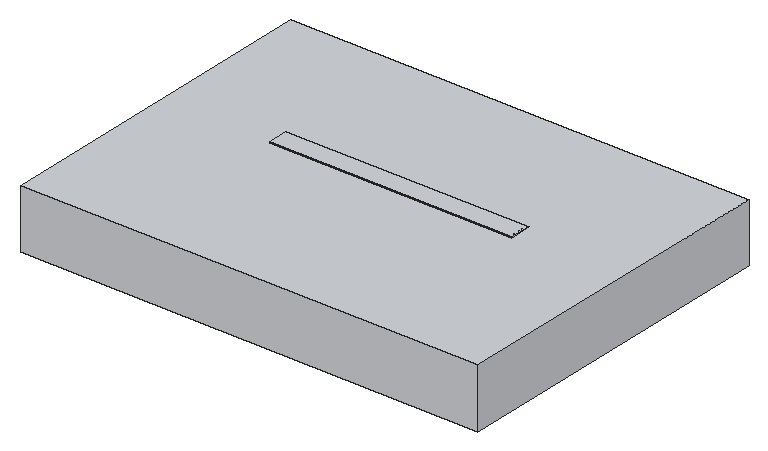
Revit family "rmebasicsamplefamily", category Air Terminals, host Face, Revit 2024
Family settings
  Host = Face
  Round Connector Dimension = Use Diameter
  Part Type = Normal
  OmniClass Number = 23.75.70.21.27.11
  OmniClass Title = Diffusers, Registers, and Grilles
  Cut with Voids When Loaded = No
  Maintain Annotation Orientation = No
  Shared = No
  Room Calculation Point = No
Parameters (values of type "Standard")
  Width 5 = Diffuser Half Width + 32 mm  # 73.5 mm
  Width 4 = Diffuser Half Width / 4  # 10.375 mm
  Width 3 = Diffuser Half Width / 3  # 13.833 mm
  Width 2 = Diffuser Half Width / 2  # 20.75 mm
  Width 1 = Diffuser Width / 2 + 12.5 mm  # 54 mm
  Slot Width = 25 mm
  Slot Number = 2
  Radius = (Duct Height / 2) - 1.5 mm  # 73.5 mm
  Pressure Drop [instance] = 18.0 Pa
  Duct Height = 150 mm
  Duct Width = 200 mm
  Length 1 = Diffuser Length / 2 + 12.5 mm  # 622 mm
  Flow [instance] = 57.0 L/s
  Diffuser material = none
  Diffuser Half Length = Diffuser Length * 1 / 2  # 609.5 mm
  Diffuser Width = 83 mm
  Diffuser Length = 1219 mm
  Diffuser Half Width = Diffuser Width * 1 / 2  # 41.5 mm
  Default Elevation = 1200 mm
  Assembly Code = ""
  Slot Visibility 4 = Slot Number = 4  # no
  Slot Visibility 3 = Slot Number = 3  # no
  Slot Visibility 2 = Slot Number = 2  # yes
  Slot Visibility 1 = Slot Number = 1  # no
Reference planes
  plane 1 "Centre (Front/Back)": y = 0
  plane 2: z = 0
  plane 3 "Centre (Left/Right)": x = 0
  plane 4: y = -41.5
  plane 5: y = -54
  plane 6: y = 54
  plane 7: y = 41.5
  plane 8: x = -609.5
  plane 9: x = 622
  plane 10: x = 609.5
  plane 11: x = -622
  plane 12 "top surface": z = 3.175
  plane 13: z = -279.4
  plane 14: z = -234.95
  plane 15: z = -159.95
  plane 16: y = -73.5
  plane 17: y = 20.75
  plane 18: y = -20.75
  plane 19: y = 27.667
  plane 20: y = -27.667
  plane 21: y = 10.375
  plane 22: y = 31.125
  plane 23: y = -10.375
  plane 24: y = -31.125
  plane 25: z = -158.45
  plane 26: z = -161.45
  plane 27: z = -84.95
  plane 28: x = -100
  plane 29: x = 100
  plane 30: x = -26.5
  plane 31: x = 26.5
Forms (mm)
  Extrusion 1, solid
    sketch origin (0, 0, 0) x (1, 0, 0) y (0, 1, 0)
      loop
        line (-1180.8, 784.25) -> (-1180.8, -956.15) -> (1168.1, -956.15) -> (1168.1, 784.25) -> (-1180.8, 784.25)
    from 0 to -304.8
  Extrusion 2, solid, material <- "Diffuser material"
    sketch origin (0, 0, 0) x (1, 0, 0) y (0, 1, 0)
      loop
        line (-609.5, 41.5) -> (-609.5, -41.5) -> (609.5, -41.5) -> (609.5, 41.5) -> (-609.5, 41.5)
    from -279.4 to 0
  Extrusion 3, solid, material <- "Diffuser material"
    sketch origin (-200.09, -6.234, 0) x (1, 0, 0) y (0, 1, 0)
      loop
        line (-421.91, 60.234) -> (-421.91, -47.766) -> (822.09, -47.766) -> (822.09, 60.234) -> (-421.91, 60.234)
    from 0 to 3.175
  Extrusion 4, solid
    sketch origin (609.5, -41.5, 0) x (-1, 0, 0) y (0, 0, -1)
      loop
        arc (636, 84.95) -> (687.972, 106.478) -> (709.5, 158.45) r 73.5
        line (709.5, 158.45) -> (709.5, 161.45)
        arc (709.5, 161.45) -> (687.972, 213.422) -> (636, 234.95) r 73.5
        line (636, 234.95) -> (583, 234.95)
        arc (583, 234.95) -> (531.028, 213.422) -> (509.5, 161.45) r 73.5
        line (509.5, 161.45) -> (509.5, 158.45)
        arc (509.5, 158.45) -> (531.028, 106.478) -> (583, 84.95) r 73.5
        line (583, 84.95) -> (636, 84.95)
    from 0 to 32
Lines and regions (mm)
  model lines
    curve 1: line (-609.5, 41.5, 3.175) -> (609.5, 41.5, 3.175)
    curve 2: line (-609.5, -41.5, 3.175) -> (-609.5, 41.5, 3.175)
    curve 3: line (609.5, -41.5, 3.175) -> (-609.5, -41.5, 3.175)
    curve 4: line (609.5, 41.5, 3.175) -> (609.5, -41.5, 3.175)
  model lines, visible <- "Slot Visibility 2"
    curve 5: line (-609.5, 20.75, 3.175) -> (609.5, 20.75, 3.175)
    curve 6: line (-609.5, -20.75, 3.175) -> (609.5, -20.75, 3.175)
  model lines, visible <- "Slot Visibility 4"
    curve 7: line (-609.5, 31.125, 3.175) -> (609.5, 31.125, 3.175)
    curve 8: line (-609.5, -31.125, 3.175) -> (609.5, -31.125, 3.175)
    curve 9: line (-609.5, 10.375, 3.175) -> (609.5, 10.375, 3.175)
    curve 10: line (-609.5, -10.375, 3.175) -> (609.5, -10.375, 3.175)
  model lines, visible <- "Slot Visibility 3"
    curve 11: line (-609.5, 0, 3.175) -> (609.5, 0, 3.175)
    curve 12: line (-609.5, 27.667, 3.175) -> (609.5, 27.667, 3.175)
    curve 13: line (-609.5, -27.667, 3.175) -> (609.5, -27.667, 3.175)
  model lines, visible <- "Slot Visibility 1"
    curve 14: line (-609.5, 0, 3.175) -> (609.5, 0, 3.175)
  symbolic lines, visible <- "Slot Visibility 1", detail levels fine
    curve 15: line (-609.5, 0, 0) -> (609.5, 0, 0)
  symbolic lines, visible <- "Slot Visibility 3", detail levels fine
    curve 16: line (-609.5, 0, 0) -> (609.5, 0, 0)
    curve 21: line (-609.5, 27.667, 0) -> (609.5, 27.667, 0)
    curve 22: line (-609.5, -27.667, 0) -> (609.5, -27.667, 0)
  symbolic lines, visible <- "Slot Visibility 4", detail levels fine
    curve 17: line (-609.5, 10.375, 0) -> (609.5, 10.375, 0)
    curve 18: line (-609.5, -10.375, 0) -> (609.5, -10.375, 0)
    curve 23: line (-609.5, 31.125, 0) -> (609.5, 31.125, 0)
    curve 24: line (-609.5, -31.125, 0) -> (609.5, -31.125, 0)
  symbolic lines, visible <- "Slot Visibility 2", detail levels fine
    curve 19: line (-609.5, 20.75, 0) -> (609.5, 20.75, 0)
    curve 20: line (-609.5, -20.75, 0) -> (609.5, -20.75, 0)
  symbolic lines
    curve 25: line (-622, 54, 0) -> (622, 54, 0)
    curve 26: line (-622, -54, 0) -> (-622, 54, 0)
    curve 27: line (622, -54, 0) -> (-622, -54, 0)
    curve 28: line (622, 54, 0) -> (622, -54, 0)
  symbolic lines, detail levels fine
    curve 29: line (-609.5, 41.5, 0) -> (609.5, 41.5, 0)
    curve 30: line (-609.5, -41.5, 0) -> (-609.5, 41.5, 0)
    curve 31: line (609.5, -41.5, 0) -> (-609.5, -41.5, 0)
    curve 32: line (609.5, 41.5, 0) -> (609.5, -41.5, 0)
Dimensions and locks
  locked: level to plane 12 "top surface" at 3.175
  locked: level to plane 13 at 279.4
  locked: plane 14 to plane 13 at 44.45
  "Length 1": plane 3 "Centre (Left/Right)" to plane 9
  "Length 1": plane 11 to plane 3 "Centre (Left/Right)"
  "Width 1": plane 6 to plane 1 "Centre (Front/Back)"
  "Width 1": plane 5 to plane 1 "Centre (Front/Back)"
  "Diffuser Half Length": plane 8 to plane 3 "Centre (Left/Right)"
  "Diffuser Half Length": plane 3 "Centre (Left/Right)" to plane 10
  "Diffuser Half Width": plane 1 "Centre (Front/Back)" to plane 7
  "Diffuser Half Width": plane 4 to plane 1 "Centre (Front/Back)"
  "Width 2": plane 1 "Centre (Front/Back)" to plane 17
  "Width 2": plane 18 to plane 1 "Centre (Front/Back)"
  "Width 3": plane 19 to plane 7
  "Width 3": plane 20 to plane 4
  "Width 4": plane 21 to plane 1 "Centre (Front/Back)"
  "Width 4": plane 22 to plane 7
  "Width 4": plane 23 to plane 1 "Centre (Front/Back)"
  "Width 4": plane 24 to plane 4
  "Width 5": plane 16 to plane 1 "Centre (Front/Back)"
  plane 25 to plane 26 = 3 mm
  equal spacing: plane 25, plane 15, plane 26
  "Duct Height": plane 27 to plane 14
  equal spacing: plane 27, plane 15, plane 14
  "Duct Width": plane 29 to plane 28
  equal spacing: plane 29, plane 3 "Centre (Left/Right)", plane 28
  "Radius": plane 30 to plane 28
  "Radius": plane 29 to plane 31
  aligned and locked: plane 2 to Extrusion 1
  aligned and locked: level to Extrusion 1
  aligned and locked: Extrusion 2 to plane 13
  aligned and locked: level to Extrusion 2
  aligned and locked: plane 4 to curve 3
  aligned and locked: plane 7 to curve 1
  aligned and locked: plane 10 to Extrusion 2
  aligned and locked: plane 8 to curve 2
  aligned and locked: Extrusion 2 to plane 8
  aligned and locked: Extrusion 3 to plane 11
  aligned and locked: plane 9 to Extrusion 3
  aligned and locked: plane 6 to Extrusion 3
  aligned and locked: plane 5 to Extrusion 3
  aligned and locked: Extrusion 2 to plane 7
  aligned and locked: Extrusion 2 to plane 4
  aligned and locked: curve 5 to plane 17
  aligned and locked: plane 18 to curve 6
  aligned and locked: curve 7 to plane 22
  aligned and locked: plane 24 to curve 8
  aligned and locked: curve 9 to plane 21
  aligned and locked: plane 23 to curve 10
  aligned and locked: curve 12 to plane 19
  aligned and locked: curve 13 to plane 20
  aligned and locked: plane 1 "Centre (Front/Back)" to curve 11
  aligned and locked: plane 1 "Centre (Front/Back)" to curve 14
  aligned and locked: curve 15 to curve 14
  aligned and locked: curve 16 to curve 14
  aligned and locked: curve 17 to curve 9
  aligned and locked: curve 18 to curve 10
  aligned and locked: curve 19 to curve 5
  aligned and locked: curve 20 to curve 6
  aligned and locked: curve 21 to curve 12
  aligned and locked: curve 22 to curve 13
  aligned and locked: curve 23 to curve 7
  aligned and locked: curve 24 to curve 8
  aligned and locked: curve 25 to Extrusion 3  (x2)
  aligned and locked: Extrusion 3 to curve 28
  aligned and locked: curve 28 to Extrusion 3
  aligned and locked: curve 2 to curve 29
  aligned and locked: curve 29 to curve 1
  aligned and locked: curve 32 to curve 3
  aligned and locked: curve 32 to curve 4
  aligned and locked: plane 28 to Extrusion 4 sketch curve
  aligned and locked: plane 14 to Extrusion 4 sketch curve
  aligned and locked: Extrusion 4 sketch curve to plane 29
  aligned and locked: Extrusion 4 sketch curve to plane 27
  aligned and locked: plane 25 to Extrusion 4 sketch curve  (x2)
  aligned and locked: plane 30 to Extrusion 4 sketch curve  (x2)
  aligned and locked: plane 26 to Extrusion 4 sketch curve  (x2)
  aligned and locked: plane 31 to Extrusion 4 sketch curve  (x2)
Automatic sketch dimensions
  Extrusion 2 sketch curve to plane 4 = 0 mm
  Extrusion 2 sketch curve to plane 8 = 0 mm
  Extrusion 2 sketch curve to plane 10 = 0 mm
  Extrusion 2 sketch curve to plane 7 = 0 mm
  Extrusion 3 sketch curve to plane 5 = 0 mm
  Extrusion 3 sketch curve to plane 11 = 0 mm
  Extrusion 3 sketch curve to plane 9 = 0 mm
  Extrusion 3 sketch curve to plane 6 = 0 mm
  curve 6 to plane 8 = 0 mm
  curve 5 to plane 8 = 0 mm
  curve 6 to plane 10 = 0 mm
  curve 5 to plane 10 = 0 mm
  curve 14 to plane 10 = 0 mm
  Extrusion 1 sketch curve to Extrusion 1 sketch curve = 2348.9 mm
  Extrusion 1 sketch curve to Extrusion 1 sketch curve = 1740.4 mm
Connectors
  hvac at (0, -73.5, -159.95), driven by "Duct Height", driven by "Duct Width", driven by "Flow"
    settings: on Extrusion 4, index 1, duct flow 57.0 L/s, flow factor 0, pres drop 0.0 Pa, loss coef 0, conn angle 0.00°, conn width 200 mm, conn height 150 mm, conn diameter 609.6 mm, duct sys type 1, conn prof type 2, flow config 1, flow direction 1, loss method 0, conn ref index -1, conn util no, is conn primary yes, conn desc ""
